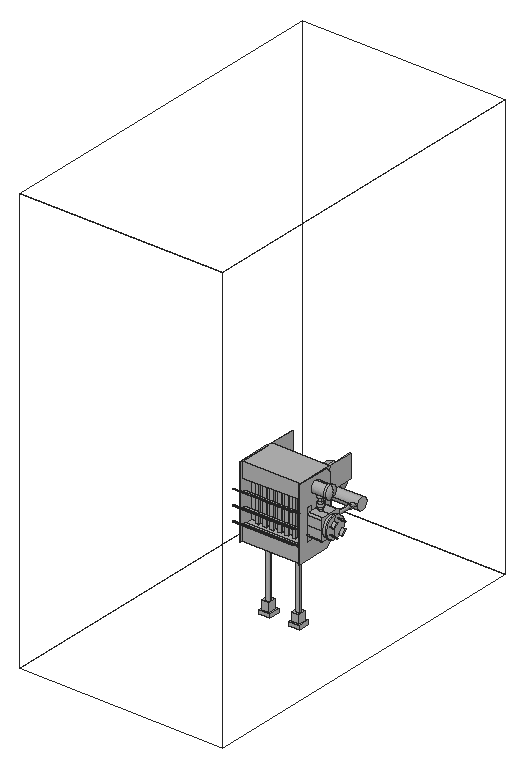
Revit family "Heater-QMARK-GUX_Series-Explosion_Proof_Unit_Gen2.txt", category Mechanical Equipment, host Face, Revit 2020 (continued)
Definition of nested family "Unit_Heater"
  Dimensions and locks (in)
    aligned and locked: Extrusion 13 to Extrusion 4
    aligned and locked: Extrusion 14 to Extrusion 4
    aligned and locked: Extrusion 15 to Extrusion 4
    aligned and locked: Extrusion 16 to Extrusion 4
    aligned and locked: Extrusion 17 to Extrusion 4
    aligned and locked: Extrusion 18 to Extrusion 4
    aligned and locked: Extrusion 19 to Extrusion 4
    aligned and locked: Extrusion 20 to Extrusion 4
    aligned and locked: Extrusion 21 to Extrusion 4
    aligned and locked: Extrusion 22 to Extrusion 4
    aligned and locked: Extrusion 66 to Revolve 50
    aligned and locked: plane 7 to Extrusion 66
    aligned and locked: Extrusion 82 to Extrusion 4
    aligned and locked: Extrusion 119 to plane 8
    aligned and locked: plane 4 to Extrusion 119
    aligned and locked: Extrusion 119 to plane 5
    aligned and locked: plane 1 "Center (Front/Back)" to Extrusion 119
    aligned and locked: plane 4 to Extrusion 120
    aligned and locked: Extrusion 120 to Extrusion 51
    aligned and locked: cut or joined group of Extrusion 119, Extrusion 120 to Extrusion 121  (x2)
    aligned and locked: cut or joined group of Extrusion 119, Extrusion 120 to Extrusion 122
    aligned and locked: cut or joined group of Extrusion 119, Extrusion 120 to Extrusion 123
    aligned and locked: cut or joined group of Extrusion 119, Extrusion 120 to Extrusion 124  (x2)
    aligned and locked: Extrusion 127 to plane 9
    aligned and locked: plane 10 to Extrusion 127
    aligned and locked: Extrusion 127 to plane 11
    aligned and locked: Extrusion 127 to plane 12
    aligned and locked: plane 13 to Extrusion 127
    aligned and locked: plane 12 to Extrusion 127
    aligned and locked: Extrusion 127 to plane 13
    aligned and locked: Extrusion 127 to plane 10
    aligned and locked: plane 6 to Extrusion 127
  Automatic sketch dimensions
    Revolve 50 sketch curve to Revolve 50 sketch curve = 0' - 0.34851"
    Revolve 50 sketch curve to Revolve 50 sketch curve = 0' - 1.38159"
    Revolve 50 sketch curve to Revolve 50 sketch curve = 0' - 0 35/256"
    Revolve 50 sketch curve to Revolve 50 sketch curve = 0' - 0"  (x2)
    Revolve 50 sketch curve to Revolve 50 sketch curve = 0' - 0 1/4"
    Extrusion 51 sketch curve to Extrusion 51 sketch curve = 0' - 0 1/2"  (x3)
    Extrusion 51 sketch curve to Extrusion 51 sketch curve = 0' - 2 99/256"  (x7)
    Extrusion 51 sketch curve to Extrusion 51 sketch curve = 0' - 0"  (x4)
    Extrusion 52 sketch curve to Extrusion 52 sketch curve = 0' - 0.37513"
    Extrusion 52 sketch curve to Extrusion 52 sketch curve = 0' - 0 1/2"  (x3)
    Extrusion 52 sketch curve to Extrusion 52 sketch curve = 0' - 0.24973"
    Extrusion 52 sketch curve to Extrusion 52 sketch curve = 0' - 0 3/4"
    Extrusion 52 sketch curve to Extrusion 52 sketch curve = 0' - 0"
    Extrusion 53 sketch curve to Extrusion 53 sketch curve = 0' - 0.37513"
    Extrusion 53 sketch curve to Extrusion 53 sketch curve = 0' - 0 1/2"  (x3)
    Extrusion 53 sketch curve to Extrusion 53 sketch curve = 0' - 0.24973"
    Extrusion 53 sketch curve to Extrusion 53 sketch curve = 0' - 0 3/4"
    Extrusion 53 sketch curve to Extrusion 53 sketch curve = 0' - 0"
    Extrusion 54 sketch curve to Extrusion 54 sketch curve = 0' - 0.37513"
    Extrusion 54 sketch curve to Extrusion 54 sketch curve = 0' - 0 1/2"  (x3)
    Extrusion 54 sketch curve to Extrusion 54 sketch curve = 0' - 0.24973"
    Extrusion 54 sketch curve to Extrusion 54 sketch curve = 0' - 0 3/4"
    Extrusion 54 sketch curve to Extrusion 54 sketch curve = 0' - 0"
    Extrusion 55 sketch curve to Extrusion 55 sketch curve = 0' - 0.37513"
    Extrusion 55 sketch curve to Extrusion 55 sketch curve = 0' - 0 1/2"  (x3)
    Extrusion 55 sketch curve to Extrusion 55 sketch curve = 0' - 0.24973"
    Extrusion 55 sketch curve to Extrusion 55 sketch curve = 0' - 0 3/4"
    Extrusion 55 sketch curve to Extrusion 55 sketch curve = 0' - 0"
    Revolve 56 sketch curve to Revolve 56 sketch curve = 0' - 0"  (x2)
    Revolve 56 sketch curve to Revolve 56 sketch curve = 0' - 0 1/4"
    Revolve 56 sketch curve to Revolve 56 sketch curve = 0' - 0.34661"
    Revolve 56 sketch curve to Revolve 56 sketch curve = 0' - 0.16732"
    Revolve 56 sketch curve to Revolve 56 sketch curve = 0' - 0.15339"
    Revolve 56 sketch curve to Revolve 56 sketch curve = 0' - 0.41732"
    Revolve 56 sketch curve to Revolve 56 sketch curve = 0' - 0 1/2"  (x3)
    Revolve 56 sketch curve to Revolve 56 sketch curve = 0' - 1.15798"
    Revolve 56 sketch curve to Revolve 56 sketch curve = 0' - 1.42626"
    Revolve 56 sketch curve to Revolve 56 sketch curve = 0' - 0.81406"
    Revolve 57 sketch curve to Revolve 57 sketch curve = 0' - 0.57859"  (x2)
    Revolve 57 sketch curve to Revolve 57 sketch curve = 0' - 1.85294"
    Revolve 57 sketch curve to Revolve 57 sketch curve = 0' - 1.8364"
    Revolve 57 sketch curve to Revolve 57 sketch curve = 0' - 1.50877"
    Revolve 57 sketch curve to Revolve 57 sketch curve = 0' - 0.17621"
    Revolve 57 sketch curve to Revolve 57 sketch curve = 0' - 0"  (x2)
    Revolve 57 sketch curve to Revolve 57 sketch curve = 0' - 0 1/2"
    Revolve 50 sketch curve to Revolve 50 sketch curve = 0' - 2 3/4"
    Revolve 56 sketch curve to Revolve 56 sketch curve = 0' - 1.7597"
    Revolve 56 sketch curve to Revolve 56 sketch curve = 0' - 0.31406"
    curve 1 to curve 1 = 0' - 1 1/4"
    Revolve 58 sketch curve to Revolve 58 sketch curve = 0' - 0.34851"
    Revolve 58 sketch curve to Revolve 58 sketch curve = 0' - 1.38159"
    Revolve 58 sketch curve to Revolve 58 sketch curve = 0' - 0 35/256"
    Revolve 58 sketch curve to Revolve 58 sketch curve = 0' - 0"  (x2)
    Revolve 58 sketch curve to Revolve 58 sketch curve = 0' - 0 1/4"
    Extrusion 59 sketch curve to Extrusion 59 sketch curve = 0' - 0 1/2"  (x3)
    Extrusion 59 sketch curve to Extrusion 59 sketch curve = 0' - 2 99/256"  (x7)
    Extrusion 59 sketch curve to Extrusion 59 sketch curve = 0' - 0"  (x4)
    Extrusion 60 sketch curve to Extrusion 60 sketch curve = 0' - 0.37513"
    Extrusion 60 sketch curve to Extrusion 60 sketch curve = 0' - 0 1/2"  (x3)
    Extrusion 60 sketch curve to Extrusion 60 sketch curve = 0' - 0.24973"
    Extrusion 60 sketch curve to Extrusion 60 sketch curve = 0' - 0 3/4"
    Extrusion 60 sketch curve to Extrusion 60 sketch curve = 0' - 0"
    Extrusion 61 sketch curve to Extrusion 61 sketch curve = 0' - 0.37513"
    Extrusion 61 sketch curve to Extrusion 61 sketch curve = 0' - 0 1/2"  (x3)
    Extrusion 61 sketch curve to Extrusion 61 sketch curve = 0' - 0.24973"
    Extrusion 61 sketch curve to Extrusion 61 sketch curve = 0' - 0 3/4"
    Extrusion 61 sketch curve to Extrusion 61 sketch curve = 0' - 0"
    Extrusion 62 sketch curve to Extrusion 62 sketch curve = 0' - 0.37513"
    Extrusion 62 sketch curve to Extrusion 62 sketch curve = 0' - 0 1/2"  (x3)
    Extrusion 62 sketch curve to Extrusion 62 sketch curve = 0' - 0.24973"
    Extrusion 62 sketch curve to Extrusion 62 sketch curve = 0' - 0 3/4"
    Extrusion 62 sketch curve to Extrusion 62 sketch curve = 0' - 0"
    Extrusion 63 sketch curve to Extrusion 63 sketch curve = 0' - 0.37513"
    Extrusion 63 sketch curve to Extrusion 63 sketch curve = 0' - 0 1/2"  (x3)
    Extrusion 63 sketch curve to Extrusion 63 sketch curve = 0' - 0.24973"
    Extrusion 63 sketch curve to Extrusion 63 sketch curve = 0' - 0 3/4"
    Extrusion 63 sketch curve to Extrusion 63 sketch curve = 0' - 0"
    Revolve 64 sketch curve to Revolve 64 sketch curve = 0' - 0"  (x2)
    Revolve 64 sketch curve to Revolve 64 sketch curve = 0' - 0 1/4"
    Revolve 64 sketch curve to Revolve 64 sketch curve = 0' - 0.34661"
    Revolve 64 sketch curve to Revolve 64 sketch curve = 0' - 0.16732"
    Revolve 64 sketch curve to Revolve 64 sketch curve = 0' - 0.15339"
    Revolve 64 sketch curve to Revolve 64 sketch curve = 0' - 0.41732"
    Revolve 64 sketch curve to Revolve 64 sketch curve = 0' - 0 1/2"  (x3)
    Revolve 64 sketch curve to Revolve 64 sketch curve = 0' - 1.15798"
    Revolve 64 sketch curve to Revolve 64 sketch curve = 0' - 1.42626"
    Revolve 64 sketch curve to Revolve 64 sketch curve = 0' - 0.81406"
    Revolve 65 sketch curve to Revolve 65 sketch curve = 0' - 0.57859"  (x2)
    Revolve 65 sketch curve to Revolve 65 sketch curve = 0' - 1.85294"
    Revolve 65 sketch curve to Revolve 65 sketch curve = 0' - 1.8364"
    Revolve 65 sketch curve to Revolve 65 sketch curve = 0' - 1.50877"
    Revolve 65 sketch curve to Revolve 65 sketch curve = 0' - 0.17621"
    Revolve 65 sketch curve to Revolve 65 sketch curve = 0' - 0"  (x2)
    Revolve 65 sketch curve to Revolve 65 sketch curve = 0' - 0 1/2"
    Revolve 58 sketch curve to Revolve 58 sketch curve = 0' - 2 3/4"
    Revolve 64 sketch curve to Revolve 64 sketch curve = 0' - 1.7597"
    Revolve 64 sketch curve to Revolve 64 sketch curve = 0' - 0.31406"
    curve 2 to curve 2 = 0' - 1 1/4"
    Extrusion 66 sketch curve to Extrusion 66 sketch curve = 0' - 0"  (x2)
    Extrusion 66 sketch curve to Extrusion 66 sketch curve = 0' - 0.08839"  (x8)
    Extrusion 66 sketch curve to Extrusion 66 sketch curve = 0' - 1.06066"  (x4)
    Extrusion 66 sketch curve to Extrusion 66 sketch curve = 0' - 1.64929"  (x4)
    Revolve 68 sketch curve to Revolve 68 sketch curve = 0' - 0 1/2"
    Revolve 68 sketch curve to Revolve 68 sketch curve = 0' - 0 5/32"
    Revolve 68 sketch curve to Revolve 68 sketch curve = 0' - 0 3/4"
    Revolve 68 sketch curve to Revolve 68 sketch curve = 0' - 0"
    Revolve 68 sketch curve to Revolve 68 sketch curve = 0' - 2"
    Revolve 68 sketch curve to Revolve 68 sketch curve = 0' - 9 11/32"
    Revolve 68 sketch curve to Revolve 68 sketch curve = 0' - 3"
    Extrusion 69 sketch curve to Extrusion 69 sketch curve = 0' - 4.12905"
    Extrusion 69 sketch curve to Extrusion 69 sketch curve = 0' - 2.22711"
    Revolve 70 sketch curve to Revolve 70 sketch curve = 0' - 0 1/2"
    Revolve 70 sketch curve to Revolve 70 sketch curve = 0' - 0 5/32"
    Revolve 70 sketch curve to Revolve 70 sketch curve = 0' - 0 3/4"
    Revolve 70 sketch curve to Revolve 70 sketch curve = 0' - 0"
    Revolve 70 sketch curve to Revolve 70 sketch curve = 0' - 2"
    Revolve 70 sketch curve to Revolve 70 sketch curve = 0' - 9 11/32"
    Revolve 70 sketch curve to Revolve 70 sketch curve = 0' - 3"
    Revolve 72 sketch curve to Revolve 72 sketch curve = 0' - 2.65878"
    Revolve 72 sketch curve to Revolve 72 sketch curve = 0' - 0.40211"
    Revolve 72 sketch curve to Revolve 72 sketch curve = 0' - 0.16268"
    Revolve 72 sketch curve to Revolve 72 sketch curve = 0' - 0.63428"
    Revolve 72 sketch curve to Revolve 72 sketch curve = 0' - 0 3/4"
    Revolve 72 sketch curve to Revolve 72 sketch curve = 0' - 0"
    Revolve 72 sketch curve to Revolve 72 sketch curve = 0' - 8.51314"
    Extrusion 73 sketch curve to Extrusion 73 sketch curve = 0' - 0 3/8"
    Extrusion 74 sketch curve to Extrusion 74 sketch curve = 0' - 0 3/8"
    Extrusion 75 sketch curve to Extrusion 75 sketch curve = 0' - 0 3/8"
    Extrusion 76 sketch curve to Extrusion 76 sketch curve = 0' - 0 3/8"
    Extrusion 77 sketch curve to Extrusion 77 sketch curve = 0' - 0 3/8"
    Extrusion 78 sketch curve to Extrusion 78 sketch curve = 0' - 0 3/8"
    Extrusion 84 sketch curve to Extrusion 84 sketch curve = 0' - 0 3/8"
    Extrusion 85 sketch curve to Extrusion 85 sketch curve = 0' - 0 3/8"
    Extrusion 86 sketch curve to Extrusion 86 sketch curve = 0' - 0 3/8"
    Extrusion 87 sketch curve to Extrusion 87 sketch curve = 0' - 0 3/8"
    Extrusion 88 sketch curve to Extrusion 88 sketch curve = 0' - 0 3/8"
    Extrusion 84 sketch curve to Extrusion 84 sketch curve = 1' - 11 5/8"
    Extrusion 85 sketch curve to Extrusion 85 sketch curve = 1' - 11 5/8"
    Extrusion 86 sketch curve to Extrusion 86 sketch curve = 1' - 11 5/8"
    Extrusion 87 sketch curve to Extrusion 87 sketch curve = 1' - 11 5/8"
    Extrusion 88 sketch curve to Extrusion 88 sketch curve = 1' - 11 5/8"
    Extrusion 89 sketch curve to Extrusion 89 sketch curve = 0' - 0 3/8"
    Extrusion 90 sketch curve to Extrusion 90 sketch curve = 0' - 0 3/8"
    Extrusion 91 sketch curve to Extrusion 91 sketch curve = 0' - 0 3/8"
    Extrusion 92 sketch curve to Extrusion 92 sketch curve = 0' - 0 3/8"
    Extrusion 93 sketch curve to Extrusion 93 sketch curve = 0' - 0 3/8"
    Extrusion 89 sketch curve to Extrusion 89 sketch curve = 1' - 11 5/8"
    Extrusion 90 sketch curve to Extrusion 90 sketch curve = 1' - 11 5/8"
    Extrusion 91 sketch curve to Extrusion 91 sketch curve = 1' - 11 5/8"
    Extrusion 92 sketch curve to Extrusion 92 sketch curve = 1' - 11 5/8"
    Extrusion 93 sketch curve to Extrusion 93 sketch curve = 1' - 11 5/8"
    Extrusion 73 sketch curve to Extrusion 73 sketch curve = 1' - 7 5/8"
    Extrusion 74 sketch curve to Extrusion 74 sketch curve = 1' - 7 5/8"
    Extrusion 75 sketch curve to Extrusion 75 sketch curve = 1' - 7 5/8"
    Extrusion 76 sketch curve to Extrusion 76 sketch curve = 1' - 7 5/8"
    Extrusion 77 sketch curve to Extrusion 77 sketch curve = 1' - 7 5/8"
    Extrusion 78 sketch curve to Extrusion 78 sketch curve = 1' - 7 5/8"
    Extrusion 94 sketch curve to Extrusion 94 sketch curve = 0' - 0 3/8"
    Extrusion 95 sketch curve to Extrusion 95 sketch curve = 0' - 0 3/8"
    Extrusion 96 sketch curve to Extrusion 96 sketch curve = 0' - 0 3/8"
    Extrusion 97 sketch curve to Extrusion 97 sketch curve = 0' - 0 3/8"
    Extrusion 98 sketch curve to Extrusion 98 sketch curve = 0' - 0 3/8"
    Extrusion 99 sketch curve to Extrusion 99 sketch curve = 0' - 0 3/8"
    Extrusion 94 sketch curve to Extrusion 94 sketch curve = 1' - 7 5/8"
    Extrusion 95 sketch curve to Extrusion 95 sketch curve = 1' - 7 5/8"
    Extrusion 96 sketch curve to Extrusion 96 sketch curve = 1' - 7 5/8"
    Extrusion 97 sketch curve to Extrusion 97 sketch curve = 1' - 7 5/8"
    Extrusion 98 sketch curve to Extrusion 98 sketch curve = 1' - 7 5/8"
    Extrusion 99 sketch curve to Extrusion 99 sketch curve = 1' - 7 5/8"
    Extrusion 100 sketch curve to Extrusion 100 sketch curve = 0' - 0 3/8"
    Extrusion 100 sketch curve to Extrusion 100 sketch curve = 1' - 11 5/8"
    Extrusion 101 sketch curve to Extrusion 101 sketch curve = 0' - 0 3/8"
    Extrusion 101 sketch curve to Extrusion 101 sketch curve = 1' - 11 5/8"
    Extrusion 102 sketch curve to Extrusion 102 sketch curve = 0' - 0 3/8"
    Extrusion 102 sketch curve to Extrusion 102 sketch curve = 1' - 11 5/8"
    Extrusion 103 sketch curve to Extrusion 103 sketch curve = 0' - 0 3/8"
    Extrusion 103 sketch curve to Extrusion 103 sketch curve = 1' - 11 5/8"
    Extrusion 104 sketch curve to Extrusion 104 sketch curve = 0' - 0 3/8"
    Extrusion 104 sketch curve to Extrusion 104 sketch curve = 1' - 11 5/8"
    Extrusion 17 sketch curve to Extrusion 17 sketch curve = 0' - 0 3/4"
    Extrusion 17 sketch curve to Extrusion 17 sketch curve = 0' - 0 1/2"  (x3)
    Extrusion 18 sketch curve to Extrusion 18 sketch curve = 0' - 0 3/4"
    Extrusion 18 sketch curve to Extrusion 18 sketch curve = 0' - 0 1/2"  (x3)
    Extrusion 19 sketch curve to Extrusion 19 sketch curve = 0' - 0 3/4"
    Extrusion 19 sketch curve to Extrusion 19 sketch curve = 0' - 0 1/2"  (x3)
    Extrusion 20 sketch curve to Extrusion 20 sketch curve = 0' - 0 3/4"
    Extrusion 20 sketch curve to Extrusion 20 sketch curve = 0' - 0 1/2"  (x3)
    Extrusion 22 sketch curve to Extrusion 22 sketch curve = 0' - 0 3/4"
    Extrusion 22 sketch curve to Extrusion 22 sketch curve = 0' - 0 1/2"  (x3)
    Extrusion 82 sketch curve to Extrusion 82 sketch curve = 0' - 0 3/4"
    Extrusion 82 sketch curve to Extrusion 82 sketch curve = 0' - 0 1/2"  (x3)
    Extrusion 105 sketch curve to Extrusion 105 sketch curve = 0' - 0 3/8"
    Extrusion 105 sketch curve to Extrusion 105 sketch curve = 1' - 11 5/8"
    Extrusion 112 sketch curve to Extrusion 112 sketch curve = 0' - 0 3/4"
    Extrusion 112 sketch curve to Extrusion 112 sketch curve = 0' - 0 1/2"  (x3)
    Extrusion 113 sketch curve to Extrusion 113 sketch curve = 0' - 0 3/4"
    Extrusion 113 sketch curve to Extrusion 113 sketch curve = 0' - 0 1/2"  (x3)
    Extrusion 114 sketch curve to Extrusion 114 sketch curve = 0' - 0 3/4"
    Extrusion 114 sketch curve to Extrusion 114 sketch curve = 0' - 0 1/2"  (x3)
    Extrusion 115 sketch curve to Extrusion 115 sketch curve = 0' - 0 3/4"
    Extrusion 115 sketch curve to Extrusion 115 sketch curve = 0' - 0 1/2"  (x3)
    Extrusion 116 sketch curve to Extrusion 116 sketch curve = 0' - 0 3/4"
    Extrusion 116 sketch curve to Extrusion 116 sketch curve = 0' - 0 1/2"  (x3)
    Extrusion 117 sketch curve to Extrusion 117 sketch curve = 0' - 0 3/4"
    Extrusion 117 sketch curve to Extrusion 117 sketch curve = 0' - 0 1/2"  (x3)
    Extrusion 1 sketch curve to Extrusion 1 sketch curve = 8' - 0"  (x2)
    Extrusion 2 sketch curve to plane 8 = 0' - 0"
    Extrusion 2 sketch curve to plane 6 = 0' - 0"
    Extrusion 2 sketch curve to level = 0' - 0"
    Extrusion 2 sketch curve to plane 4 = 0' - 0"
    plane 8 to Extrusion 2 sketch curve = 0' - 1 1/4"  (x2)
    level to Extrusion 2 sketch curve = 0' - 1.25482"
    Extrusion 3 sketch curve to plane 8 = 0' - 0"
    Extrusion 3 sketch curve to plane 6 = 0' - 0"
    Extrusion 3 sketch curve to level = 0' - 0"
    Extrusion 3 sketch curve to plane 4 = 0' - 0"
    plane 8 to Extrusion 3 sketch curve = 0' - 1 1/4"  (x2)
    level to Extrusion 3 sketch curve = 0' - 1.25482"
    Extrusion 4 sketch curve to plane 8 = 0' - 0"
    Extrusion 4 sketch curve to plane 6 = 0' - 0"
    Extrusion 4 sketch curve to level = 0' - 0"
    plane 8 to Extrusion 4 sketch curve = 0' - 1 1/4"
    Extrusion 4 sketch curve to plane 4 = 0' - 3 1/2"
    Extrusion 4 sketch curve to plane 4 = 0' - 0 1/2"
    Extrusion 4 sketch curve to Extrusion 4 sketch curve = 0' - 1"
    Extrusion 5 sketch curve to plane 4 = 0' - 1"
    Extrusion 5 sketch curve to Extrusion 5 sketch curve = 0' - 0"
    plane 4 to Extrusion 5 sketch curve = 0' - 2.59536"
    level to Extrusion 5 sketch curve = 0' - 9.31289"
    Extrusion 6 sketch curve to plane 4 = 0' - 1"
    Extrusion 6 sketch curve to Extrusion 6 sketch curve = 0' - 0"
    plane 4 to Extrusion 6 sketch curve = 0' - 2.59536"
    level to Extrusion 6 sketch curve = 0' - 5.36289"
    Extrusion 7 sketch curve to plane 4 = 0' - 1"
    Extrusion 7 sketch curve to Extrusion 7 sketch curve = 0' - 0"
    plane 4 to Extrusion 7 sketch curve = 0' - 2.59536"
    Extrusion 7 sketch curve to plane 6 = 0' - 6.11211"
    Extrusion 8 sketch curve to plane 4 = 0' - 1"
    Extrusion 8 sketch curve to Extrusion 8 sketch curve = 0' - 0"
    plane 4 to Extrusion 8 sketch curve = 0' - 2.59536"
    level to Extrusion 8 sketch curve = 1' - 1.26289"
    Extrusion 9 sketch curve to plane 4 = 0' - 1"
    Extrusion 9 sketch curve to Extrusion 9 sketch curve = 0' - 0"
    plane 4 to Extrusion 9 sketch curve = 0' - 2.59536"
    Extrusion 9 sketch curve to plane 6 = 0' - 10.16211"
    Extrusion 10 sketch curve to plane 1 "Center (Front/Back)" = 0' - 1 5/8"
    Extrusion 10 sketch curve to plane 4 = 0' - 3 1/2"
    Extrusion 10 sketch curve to Extrusion 10 sketch curve = 0' - 0 3/4"
    Extrusion 10 sketch curve to Extrusion 10 sketch curve = 0' - 0 1/2"  (x3)
    Extrusion 11 sketch curve to plane 4 = 0' - 3 1/2"
    Extrusion 11 sketch curve to Extrusion 11 sketch curve = 0' - 0 3/4"
    Extrusion 11 sketch curve to plane 1 "Center (Front/Back)" = 0' - 3 1/8"
    Extrusion 11 sketch curve to Extrusion 11 sketch curve = 0' - 0 1/2"  (x3)
    Extrusion 12 sketch curve to plane 4 = 0' - 3 1/2"
    Extrusion 12 sketch curve to Extrusion 12 sketch curve = 0' - 0 3/4"
    Extrusion 12 sketch curve to plane 1 "Center (Front/Back)" = 0' - 5 1/8"
    Extrusion 12 sketch curve to Extrusion 12 sketch curve = 0' - 0 1/2"  (x3)
    Extrusion 13 sketch curve to plane 4 = 0' - 3 1/2"
    Extrusion 13 sketch curve to Extrusion 13 sketch curve = 0' - 0 3/4"
    Extrusion 13 sketch curve to plane 1 "Center (Front/Back)" = 0' - 7 1/8"
    Extrusion 13 sketch curve to Extrusion 13 sketch curve = 0' - 0 1/2"  (x3)
    Extrusion 14 sketch curve to plane 4 = 0' - 3 1/2"
    Extrusion 14 sketch curve to Extrusion 14 sketch curve = 0' - 0 3/4"
    plane 5 to Extrusion 14 sketch curve = 0' - 6 15/16"
    Extrusion 14 sketch curve to Extrusion 14 sketch curve = 0' - 0 1/2"  (x3)
    Extrusion 15 sketch curve to plane 4 = 0' - 3 1/2"
    Extrusion 15 sketch curve to Extrusion 15 sketch curve = 0' - 0 3/4"
    plane 5 to Extrusion 15 sketch curve = 0' - 4 15/16"
    Extrusion 15 sketch curve to Extrusion 15 sketch curve = 0' - 0 1/2"  (x3)
    Extrusion 16 sketch curve to plane 4 = 0' - 3 1/2"
    Extrusion 16 sketch curve to Extrusion 16 sketch curve = 0' - 0 3/4"
    plane 5 to Extrusion 16 sketch curve = 0' - 2 15/16"
    Extrusion 16 sketch curve to Extrusion 16 sketch curve = 0' - 0 1/2"  (x3)
    Extrusion 21 sketch curve to plane 4 = 0' - 3 1/2"
    Extrusion 21 sketch curve to Extrusion 21 sketch curve = 0' - 0 3/4"
    plane 5 to Extrusion 21 sketch curve = 0' - 6 15/16"
    Extrusion 21 sketch curve to Extrusion 21 sketch curve = 0' - 0 1/2"  (x3)
    Extrusion 23 sketch curve to plane 1 "Center (Front/Back)" = 0' - 0 11/32"
    Extrusion 23 sketch curve to Extrusion 23 sketch curve = 0' - 0 3/8"
    level to Extrusion 23 sketch curve = 0' - 2 1/2"
    Extrusion 23 sketch curve to plane 6 = 0' - 1 1/4"
    Extrusion 24 sketch curve to plane 1 "Center (Front/Back)" = 0' - 1 3/32"
    Extrusion 24 sketch curve to Extrusion 24 sketch curve = 0' - 0 3/8"
    level to Extrusion 24 sketch curve = 0' - 2 1/2"
    Extrusion 24 sketch curve to plane 6 = 0' - 1 1/4"
    Extrusion 25 sketch curve to plane 1 "Center (Front/Back)" = 0' - 1 27/32"
    Extrusion 25 sketch curve to Extrusion 25 sketch curve = 0' - 0 3/8"
    level to Extrusion 25 sketch curve = 0' - 2 1/2"
    Extrusion 25 sketch curve to plane 6 = 0' - 1 1/4"
    Extrusion 26 sketch curve to plane 6 = 0' - 1 1/4"
    Extrusion 26 sketch curve to plane 1 "Center (Front/Back)" = 0' - 2 19/32"
    Extrusion 26 sketch curve to Extrusion 26 sketch curve = 0' - 0 3/8"
    level to Extrusion 26 sketch curve = 0' - 2 1/2"
    Extrusion 27 sketch curve to plane 6 = 0' - 1 1/4"
    Extrusion 27 sketch curve to plane 1 "Center (Front/Back)" = 0' - 3 11/32"
    Extrusion 27 sketch curve to Extrusion 27 sketch curve = 0' - 0 3/8"
    level to Extrusion 27 sketch curve = 0' - 2 1/2"
    Extrusion 28 sketch curve to plane 6 = 0' - 1 1/4"
    Extrusion 28 sketch curve to plane 1 "Center (Front/Back)" = 0' - 4 3/32"
    Extrusion 28 sketch curve to Extrusion 28 sketch curve = 0' - 0 3/8"
    level to Extrusion 28 sketch curve = 0' - 2 1/2"
    Extrusion 29 sketch curve to plane 6 = 0' - 1 1/4"
    Extrusion 29 sketch curve to plane 1 "Center (Front/Back)" = 0' - 4 27/32"
    Extrusion 29 sketch curve to Extrusion 29 sketch curve = 0' - 0 3/8"
    level to Extrusion 29 sketch curve = 0' - 2 1/2"
    Extrusion 30 sketch curve to plane 6 = 0' - 1 1/4"
    Extrusion 30 sketch curve to plane 1 "Center (Front/Back)" = 0' - 5 19/32"
    Extrusion 30 sketch curve to Extrusion 30 sketch curve = 0' - 0 3/8"
    level to Extrusion 30 sketch curve = 0' - 2 1/2"
    Extrusion 31 sketch curve to plane 6 = 0' - 1 1/4"
    Extrusion 31 sketch curve to plane 1 "Center (Front/Back)" = 0' - 6 11/32"
    Extrusion 31 sketch curve to Extrusion 31 sketch curve = 0' - 0 3/8"
    level to Extrusion 31 sketch curve = 0' - 2 1/2"
    Extrusion 32 sketch curve to plane 6 = 0' - 1 1/4"
    Extrusion 32 sketch curve to plane 1 "Center (Front/Back)" = 0' - 7 3/32"
    Extrusion 32 sketch curve to Extrusion 32 sketch curve = 0' - 0 3/8"
    level to Extrusion 32 sketch curve = 0' - 2 1/2"
    Extrusion 33 sketch curve to plane 6 = 0' - 1 1/4"
    Extrusion 33 sketch curve to plane 1 "Center (Front/Back)" = 0' - 7 27/32"
    Extrusion 33 sketch curve to Extrusion 33 sketch curve = 0' - 0 3/8"
    level to Extrusion 33 sketch curve = 0' - 2 1/2"
    Extrusion 34 sketch curve to plane 6 = 0' - 1 1/4"
    plane 5 to Extrusion 34 sketch curve = 0' - 7 15/32"
    Extrusion 34 sketch curve to Extrusion 34 sketch curve = 0' - 0 3/8"
    level to Extrusion 34 sketch curve = 0' - 2 1/2"
    Extrusion 35 sketch curve to plane 6 = 0' - 1 1/4"
    plane 5 to Extrusion 35 sketch curve = 0' - 6 23/32"
    Extrusion 35 sketch curve to Extrusion 35 sketch curve = 0' - 0 3/8"
    level to Extrusion 35 sketch curve = 0' - 2 1/2"
    Extrusion 36 sketch curve to plane 6 = 0' - 1 1/4"
    plane 5 to Extrusion 36 sketch curve = 0' - 5 31/32"
    Extrusion 36 sketch curve to Extrusion 36 sketch curve = 0' - 0 3/8"
    level to Extrusion 36 sketch curve = 0' - 2 1/2"
    Extrusion 37 sketch curve to plane 6 = 0' - 1 1/4"
    plane 5 to Extrusion 37 sketch curve = 0' - 5 7/32"
    Extrusion 37 sketch curve to Extrusion 37 sketch curve = 0' - 0 3/8"
    level to Extrusion 37 sketch curve = 0' - 2 1/2"
    Extrusion 38 sketch curve to plane 6 = 0' - 1 1/4"
    plane 5 to Extrusion 38 sketch curve = 0' - 4 15/32"
    Extrusion 38 sketch curve to Extrusion 38 sketch curve = 0' - 0 3/8"
    level to Extrusion 38 sketch curve = 0' - 2 1/2"
    Extrusion 39 sketch curve to plane 6 = 0' - 1 1/4"
    plane 5 to Extrusion 39 sketch curve = 0' - 3 23/32"
    Extrusion 39 sketch curve to Extrusion 39 sketch curve = 0' - 0 3/8"
    level to Extrusion 39 sketch curve = 0' - 2 1/2"
    Extrusion 40 sketch curve to plane 6 = 0' - 1 1/4"
    plane 5 to Extrusion 40 sketch curve = 0' - 2 31/32"
    Extrusion 40 sketch curve to Extrusion 40 sketch curve = 0' - 0 3/8"
    level to Extrusion 40 sketch curve = 0' - 2 1/2"
    plane 5 to Extrusion 41 sketch curve = 0' - 2 7/32"
    Extrusion 41 sketch curve to Extrusion 41 sketch curve = 0' - 0 3/8"
    level to Extrusion 41 sketch curve = 0' - 2 1/2"
    Extrusion 41 sketch curve to plane 6 = 0' - 1 1/4"
    plane 5 to Extrusion 42 sketch curve = 0' - 1 15/32"
    Extrusion 42 sketch curve to Extrusion 42 sketch curve = 0' - 0 3/8"
    level to Extrusion 42 sketch curve = 0' - 2 1/2"
    Extrusion 42 sketch curve to plane 6 = 0' - 1 1/4"
    plane 5 to Extrusion 43 sketch curve = 0' - 0 23/32"
    plane 5 to Extrusion 43 sketch curve = 0' - 0 11/32"
    level to Extrusion 43 sketch curve = 0' - 2 1/2"
    Extrusion 43 sketch curve to plane 6 = 0' - 1 1/4"
    Extrusion 44 sketch curve to plane 6 = 0' - 1 1/4"
    plane 5 to Extrusion 44 sketch curve = 0' - 7 15/32"
    Extrusion 44 sketch curve to Extrusion 44 sketch curve = 0' - 0 3/8"
    level to Extrusion 44 sketch curve = 0' - 2 1/2"
    Extrusion 45 sketch curve to plane 6 = 0' - 1 1/4"
    plane 5 to Extrusion 45 sketch curve = 0' - 6 23/32"
    Extrusion 45 sketch curve to Extrusion 45 sketch curve = 0' - 0 3/8"
    level to Extrusion 45 sketch curve = 0' - 2 1/2"
    Extrusion 46 sketch curve to plane 6 = 0' - 1 1/4"
    plane 5 to Extrusion 46 sketch curve = 0' - 5 31/32"
    Extrusion 46 sketch curve to Extrusion 46 sketch curve = 0' - 0 3/8"
    level to Extrusion 46 sketch curve = 0' - 2 1/2"
    Extrusion 47 sketch curve to plane 6 = 0' - 1 1/4"
    plane 5 to Extrusion 47 sketch curve = 0' - 5 7/32"
    Extrusion 47 sketch curve to Extrusion 47 sketch curve = 0' - 0 3/8"
    level to Extrusion 47 sketch curve = 0' - 2 1/2"
    Extrusion 48 sketch curve to plane 6 = 0' - 1 1/4"
    plane 5 to Extrusion 48 sketch curve = 0' - 4 15/32"
    Extrusion 48 sketch curve to Extrusion 48 sketch curve = 0' - 0 3/8"
    level to Extrusion 48 sketch curve = 0' - 2 1/2"
    Extrusion 49 sketch curve to level = 0' - 0"  (x2)
    Extrusion 49 sketch curve to plane 1 "Center (Front/Back)" = 0' - 0 1/8"
    Extrusion 49 sketch curve to Extrusion 49 sketch curve = 0' - 0 1/8"  (x2)
    plane 5 to Extrusion 49 sketch curve = 0' - 0 1/4"
    plane 5 to Extrusion 49 sketch curve = 0' - 0 1/8"
    level to Extrusion 49 sketch curve = 0' - 6 35/256"
    Extrusion 83 sketch curve to plane 6 = 0' - 1 1/4"
    Extrusion 83 sketch curve to plane 1 "Center (Front/Back)" = 0' - 7 27/32"
    Extrusion 83 sketch curve to Extrusion 83 sketch curve = 0' - 0 3/8"
    level to Extrusion 83 sketch curve = 0' - 2 1/2"
    Extrusion 118 sketch curve to plane 4 = 0' - 1"
    Extrusion 118 sketch curve to Extrusion 118 sketch curve = 0' - 0"
    plane 4 to Extrusion 118 sketch curve = 0' - 2.59536"
    level to Extrusion 118 sketch curve = 1' - 1.26289"
    Extrusion 119 sketch curve to plane 6 = 0' - 0"
    Extrusion 119 sketch curve to plane 8 = 0' - 0"
    Extrusion 119 sketch curve to level = 0' - 0"
    Extrusion 119 sketch curve to plane 4 = 0' - 0"
    Extrusion 121 sketch curve to plane 4 = 0' - 0 1/2"
    plane 4 to Extrusion 121 sketch curve = 0' - 2.59536"
    level to Extrusion 121 sketch curve = 0' - 5.36289"
    Extrusion 121 sketch curve to Extrusion 121 sketch curve = 0' - 0 1/8"  (x2)
    Extrusion 121 sketch curve to Extrusion 121 sketch curve = 0' - 1.66211"
    Extrusion 122 sketch curve to plane 4 = 0' - 0 1/2"
    plane 4 to Extrusion 122 sketch curve = 0' - 2.59536"
    level to Extrusion 122 sketch curve = 0' - 9.31289"
    Extrusion 122 sketch curve to Extrusion 122 sketch curve = 0' - 0 1/8"  (x2)
    Extrusion 122 sketch curve to Extrusion 122 sketch curve = 0' - 1.66211"
    Extrusion 123 sketch curve to plane 4 = 0' - 0 1/2"
    plane 4 to Extrusion 123 sketch curve = 0' - 2.59536"
    Extrusion 123 sketch curve to plane 6 = 0' - 6.11211"
    Extrusion 123 sketch curve to Extrusion 123 sketch curve = 0' - 0 1/8"  (x2)
    Extrusion 123 sketch curve to Extrusion 123 sketch curve = 0' - 1.66211"
    Extrusion 124 sketch curve to plane 4 = 0' - 0 1/2"
    plane 4 to Extrusion 124 sketch curve = 0' - 2.59536"
    Extrusion 124 sketch curve to plane 6 = 0' - 10.11211"
    Extrusion 124 sketch curve to Extrusion 124 sketch curve = 0' - 0 1/8"  (x2)
    Extrusion 124 sketch curve to Extrusion 124 sketch curve = 0' - 1.66211"
    Extrusion 125 sketch curve to plane 4 = 0' - 0 1/2"
    plane 4 to Extrusion 125 sketch curve = 0' - 2.59536"
    level to Extrusion 125 sketch curve = 1' - 1.26289"
    Extrusion 125 sketch curve to Extrusion 125 sketch curve = 0' - 0 1/8"  (x2)
    Extrusion 125 sketch curve to Extrusion 125 sketch curve = 0' - 1.66211"
    Extrusion 126 sketch curve to plane 4 = 0' - 0 1/2"
    plane 4 to Extrusion 126 sketch curve = 0' - 2.59536"
    Extrusion 126 sketch curve to plane 6 = 0' - 10.16211"
    Extrusion 126 sketch curve to Extrusion 126 sketch curve = 0' - 0 1/8"  (x2)
    Extrusion 126 sketch curve to Extrusion 126 sketch curve = 0' - 1.66211"
    Extrusion 127 sketch curve to plane 5 = 0' - 2"
    Extrusion 127 sketch curve to plane 3 "Center (Left/Right)" = 0' - 2"
    plane 8 to Extrusion 127 sketch curve = 6' - 10 13/32"
    plane 7 to Extrusion 127 sketch curve = 2' - 6"
    radius of Extrusion 80 sketch curve = 0' - 1 1/2"
    radius of Extrusion 81 sketch curve = 0' - 1 1/2"
Types (67): name | Watts | Voltage | Total Heating Capacity | Shipping Weight | Phase | Motor RPM | Motor HP | Model | MW Height | MH Height | Length | Height | Frequency | Frame Size 3 | Frame Size 2 | Fan Blade Diameter | Depth | Classification | Amps | Air Flow - Throw | Actual Supply Air Flow
  GUX-233-FA-0036C | 3000 W | 208 V | 10236.0 Btu/h | "130 lbs" | 1 | "1725 RPM" | 0.25 | "GUX-233-FA-0036C" | 0' - 9" | 0' - 11 1/16" | 1' - 9 3/4" | 1' - 7 3/8" | 60 Hz | no | no | 1' - 0" | 1' - 4 1/16" | "60 Hz Models/Class I, Divisions 1 and 2, Groups C & D/Class II, Divisions 1 and 2, Groups E, F & G/Class I, Zones 1 and 2, Group II" | 17 A | 1' - 3" | 650 CFM
  GUX-233-FA-0036J | 3000 W | 240 V | 10236.0 Btu/h | "130 lbs" | 1 | "1725 RPM" | 0.25 | "GUX-233-FA-0036J" | 0' - 9" | 0' - 11 1/16" | 1' - 9 3/4" | 1' - 7 3/8" | 60 Hz | no | no | 1' - 0" | 1' - 4 1/16" | "61 Hz Models/Class I, Divisions 1 and 2, Groups C & D/Class II, Divisions 1 and 2, Groups E, F & G/Class I, Zones 1 and 2, Group II" | 15 A | 1' - 3" | 650 CFM
  GUX-233-FA-0036D | 3000 W | 208 V | 10236.0 Btu/h | "130 lbs" | 3 | "1725 RPM" | 0.25 | "GUX-233-FA-0036D" | 0' - 9" | 0' - 11 1/16" | 1' - 9 3/4" | 1' - 7 3/8" | 60 Hz | no | no | 1' - 0" | 1' - 4 1/16" | "62 Hz Models/Class I, Divisions 1 and 2, Groups C & D/Class II, Divisions 1 and 2, Groups E, F & G/Class I, Zones 1 and 2, Group II" | 10 A | 1' - 3" | 650 CFM
  GUX-233-FA-0036K | 3000 W | 240 V | 10236.0 Btu/h | "130 lbs" | 3 | "1725 RPM" | 0.25 | "GUX-233-FA-0036K" | 0' - 9" | 0' - 11 1/16" | 1' - 9 3/4" | 1' - 7 3/8" | 60 Hz | no | no | 1' - 0" | 1' - 4 1/16" | "63 Hz Models/Class I, Divisions 1 and 2, Groups C & D/Class II, Divisions 1 and 2, Groups E, F & G/Class I, Zones 1 and 2, Group II" | 9 A | 1' - 3" | 650 CFM
  GUX-233-FA-0036U | 3000 W | 480 V | 10236.0 Btu/h | "130 lbs" | 3 | "1725 RPM" | 0.25 | "GUX-233-FA-0036U" | 0' - 9" | 0' - 11 1/16" | 1' - 9 3/4" | 1' - 7 3/8" | 60 Hz | no | no | 1' - 0" | 1' - 4 1/16" | "64 Hz Models/Class I, Divisions 1 and 2, Groups C & D/Class II, Divisions 1 and 2, Groups E, F & G/Class I, Zones 1 and 2, Group II" | 5 A | 1' - 3" | 650 CFM
  GUX-233-FA-0036Z | 3000 W | 600 V | 10236.0 Btu/h | "130 lbs" | 3 | "1725 RPM" | 0.25 | "GUX-233-FA-0036Z" | 0' - 9" | 0' - 11 1/16" | 1' - 9 3/4" | 1' - 7 3/8" | 60 Hz | no | no | 1' - 0" | 1' - 4 1/16" | "65 Hz Models/Class I, Divisions 1 and 2, Groups C & D/Class II, Divisions 1 and 2, Groups E, F & G/Class I, Zones 1 and 2, Group II" | 4 A | 1' - 3" | 650 CFM
  GUX-233-FA-0056C | 5000 W | 208 V | 17060.0 Btu/h | "130 lbs" | 1 | "1725 RPM" | 0.25 | "GUX-233-FA-0056C" | 0' - 9" | 0' - 11 1/16" | 1' - 9 3/4" | 1' - 7 3/8" | 60 Hz | no | no | 1' - 0" | 1' - 4 1/16" | "66 Hz Models/Class I, Divisions 1 and 2, Groups C & D/Class II, Divisions 1 and 2, Groups E, F & G/Class I, Zones 1 and 2, Group II" | 26 A | 1' - 3" | 650 CFM
  GUX-233-FA-0056J | 5000 W | 240 V | 17060.0 Btu/h | "130 lbs" | 1 | "1725 RPM" | 0.25 | "GUX-233-FA-0056J" | 0' - 9" | 0' - 11 1/16" | 1' - 9 3/4" | 1' - 7 3/8" | 60 Hz | no | no | 1' - 0" | 1' - 4 1/16" | "67 Hz Models/Class I, Divisions 1 and 2, Groups C & D/Class II, Divisions 1 and 2, Groups E, F & G/Class I, Zones 1 and 2, Group II" | 23 A | 1' - 3" | 650 CFM
  GUX-233-FA-0056D | 5000 W | 208 V | 17060.0 Btu/h | "130 lbs" | 3 | "1725 RPM" | 0.25 | "GUX-233-FA-0056D" | 0' - 9" | 0' - 11 1/16" | 1' - 9 3/4" | 1' - 7 3/8" | 60 Hz | no | no | 1' - 0" | 1' - 4 1/16" | "68 Hz Models/Class I, Divisions 1 and 2, Groups C & D/Class II, Divisions 1 and 2, Groups E, F & G/Class I, Zones 1 and 2, Group II" | 16 A | 1' - 3" | 650 CFM
  GUX-233-FA-0056K | 5000 W | 240 V | 17060.0 Btu/h | "130 lbs" | 3 | "1725 RPM" | 0.25 | "GUX-233-FA-0056K" | 0' - 9" | 0' - 11 1/16" | 1' - 9 3/4" | 1' - 7 3/8" | 60 Hz | no | no | 1' - 0" | 1' - 4 1/16" | "69 Hz Models/Class I, Divisions 1 and 2, Groups C & D/Class II, Divisions 1 and 2, Groups E, F & G/Class I, Zones 1 and 2, Group II" | 14 A | 1' - 3" | 650 CFM
  GUX-233-FA-0056U | 5000 W | 480 V | 17060.0 Btu/h | "130 lbs" | 3 | "1725 RPM" | 0.25 | "GUX-233-FA-0056U" | 0' - 9" | 0' - 11 1/16" | 1' - 9 3/4" | 1' - 7 3/8" | 60 Hz | no | no | 1' - 0" | 1' - 4 1/16" | "70 Hz Models/Class I, Divisions 1 and 2, Groups C & D/Class II, Divisions 1 and 2, Groups E, F & G/Class I, Zones 1 and 2, Group II" | 7 A | 1' - 3" | 650 CFM
  GUX-233-FA-0056Z | 5000 W | 600 V | 17060.0 Btu/h | "130 lbs" | 3 | "1725 RPM" | 0.25 | "GUX-233-FA-0056Z" | 0' - 9" | 0' - 11 1/16" | 1' - 9 3/4" | 1' - 7 3/8" | 60 Hz | no | no | 1' - 0" | 1' - 4 1/16" | "71 Hz Models/Class I, Divisions 1 and 2, Groups C & D/Class II, Divisions 1 and 2, Groups E, F & G/Class I, Zones 1 and 2, Group II" | 6 A | 1' - 3" | 650 CFM
  GUX-233-FA-0086C | 7500 W | 208 V | 25590.0 Btu/h | "130 lbs" | 1 | "1725 RPM" | 0.25 | "GUX-233-FA-0086C" | 0' - 9" | 0' - 11 1/16" | 1' - 9 3/4" | 1' - 7 3/8" | 60 Hz | no | no | 1' - 0" | 1' - 4 1/16" | "72 Hz Models/Class I, Divisions 1 and 2, Groups C & D/Class II, Divisions 1 and 2, Groups E, F & G/Class I, Zones 1 and 2, Group II" | 38 A | 2' - 1" | 850 CFM
  GUX-233-FA-0086J | 7500 W | 240 V | 25590.0 Btu/h | "130 lbs" | 1 | "1725 RPM" | 0.25 | "GUX-233-FA-0086J" | 0' - 9" | 0' - 11 1/16" | 1' - 9 3/4" | 1' - 7 3/8" | 60 Hz | no | no | 1' - 0" | 1' - 4 1/16" | "73 Hz Models/Class I, Divisions 1 and 2, Groups C & D/Class II, Divisions 1 and 2, Groups E, F & G/Class I, Zones 1 and 2, Group II" | 34 A | 2' - 1" | 850 CFM
  GUX-233-FA-0086D | 7500 W | 208 V | 25590.0 Btu/h | "130 lbs" | 3 | "1725 RPM" | 0.25 | "GUX-233-FA-0086D" | 0' - 9" | 0' - 11 1/16" | 1' - 9 3/4" | 1' - 7 3/8" | 60 Hz | no | no | 1' - 0" | 1' - 4 1/16" | "74 Hz Models/Class I, Divisions 1 and 2, Groups C & D/Class II, Divisions 1 and 2, Groups E, F & G/Class I, Zones 1 and 2, Group II" | 23 A | 2' - 1" | 850 CFM
  GUX-233-FA-0086K | 7500 W | 240 V | 25590.0 Btu/h | "130 lbs" | 3 | "1725 RPM" | 0.25 | "GUX-233-FA-0086K" | 0' - 9" | 0' - 11 1/16" | 1' - 9 3/4" | 1' - 7 3/8" | 60 Hz | no | no | 1' - 0" | 1' - 4 1/16" | "75 Hz Models/Class I, Divisions 1 and 2, Groups C & D/Class II, Divisions 1 and 2, Groups E, F & G/Class I, Zones 1 and 2, Group II" | 20 A | 2' - 1" | 850 CFM
  GUX-233-FA-0086U | 7500 W | 480 V | 25590.0 Btu/h | "130 lbs" | 3 | "1725 RPM" | 0.25 | "GUX-233-FA-0086U" | 0' - 9" | 0' - 11 1/16" | 1' - 9 3/4" | 1' - 7 3/8" | 60 Hz | no | no | 1' - 0" | 1' - 4 1/16" | "76 Hz Models/Class I, Divisions 1 and 2, Groups C & D/Class II, Divisions 1 and 2, Groups E, F & G/Class I, Zones 1 and 2, Group II" | 10 A | 2' - 1" | 850 CFM
  GUX-233-FA-0086Z | 7500 W | 600 V | 25590.0 Btu/h | "130 lbs" | 3 | "1725 RPM" | 0.25 | "GUX-233-FA-0086Z" | 0' - 9" | 0' - 11 1/16" | 1' - 9 3/4" | 1' - 7 3/8" | 60 Hz | no | no | 1' - 0" | 1' - 4 1/16" | "77 Hz Models/Class I, Divisions 1 and 2, Groups C & D/Class II, Divisions 1 and 2, Groups E, F & G/Class I, Zones 1 and 2, Group II" | 9 A | 2' - 1" | 850 CFM
  GUX-233-FA-0106J | 10000 W | 240 V | 34120.0 Btu/h | "130 lbs" | 1 | "1725 RPM" | 0.25 | "GUX-233-FA-0106J" | 0' - 9" | 0' - 11 1/16" | 1' - 9 3/4" | 1' - 7 3/8" | 60 Hz | no | no | 1' - 0" | 1' - 4 1/16" | "78 Hz Models/Class I, Divisions 1 and 2, Groups C & D/Class II, Divisions 1 and 2, Groups E, F & G/Class I, Zones 1 and 2, Group II" | 44 A | 2' - 1" | 850 CFM
  GUX-233-FA-0106D | 10000 W | 208 V | 34120.0 Btu/h | "130 lbs" | 3 | "1725 RPM" | 0.25 | "GUX-233-FA-0106D" | 0' - 9" | 0' - 11 1/16" | 1' - 9 3/4" | 1' - 7 3/8" | 60 Hz | no | no | 1' - 0" | 1' - 4 1/16" | "79 Hz Models/Class I, Divisions 1 and 2, Groups C & D/Class II, Divisions 1 and 2, Groups E, F & G/Class I, Zones 1 and 2, Group II" | 30 A | 2' - 1" | 850 CFM
  GUX-233-FA-0106K | 10000 W | 240 V | 34120.0 Btu/h | "130 lbs" | 3 | "1725 RPM" | 0.25 | "GUX-233-FA-0106K" | 0' - 9" | 0' - 11 1/16" | 1' - 9 3/4" | 1' - 7 3/8" | 60 Hz | no | no | 1' - 0" | 1' - 4 1/16" | "80 Hz Models/Class I, Divisions 1 and 2, Groups C & D/Class II, Divisions 1 and 2, Groups E, F & G/Class I, Zones 1 and 2, Group II" | 26 A | 2' - 1" | 850 CFM
  GUX-233-FA-0106U | 10000 W | 480 V | 34120.0 Btu/h | "130 lbs" | 3 | "1725 RPM" | 0.25 | "GUX-233-FA-0106U" | 0' - 9" | 0' - 11 1/16" | 1' - 9 3/4" | 1' - 7 3/8" | 60 Hz | no | no | 1' - 0" | 1' - 4 1/16" | "81 Hz Models/Class I, Divisions 1 and 2, Groups C & D/Class II, Divisions 1 and 2, Groups E, F & G/Class I, Zones 1 and 2, Group II" | 13 A | 2' - 1" | 850 CFM
  GUX-233-FA-0106Z | 10000 W | 600 V | 34120.0 Btu/h | "130 lbs" | 3 | "1725 RPM" | 0.25 | "GUX-233-FA-0106Z" | 0' - 9" | 0' - 11 1/16" | 1' - 9 3/4" | 1' - 7 3/8" | 60 Hz | no | no | 1' - 0" | 1' - 4 1/16" | "82 Hz Models/Class I, Divisions 1 and 2, Groups C & D/Class II, Divisions 1 and 2, Groups E, F & G/Class I, Zones 1 and 2, Group II" | 11 A | 2' - 1" | 850 CFM
  GUX-233-FB-0156D | 15000 W | 208 V | 51182.0 Btu/h | "169 lbs" | 3 | "1725 RPM" | 0.25 | "GUX-233-FB-0156D" | 0' - 7" | 1' - 3 1/16" | 1' - 9 3/4" | 1' - 11 3/8" | 60 Hz | no | yes | 1' - 4" | 1' - 8 3/16" | "83 Hz Models/Class I, Divisions 1 and 2, Groups C & D/Class II, Divisions 1 and 2, Groups E, F & G/Class I, Zones 1 and 2, Group II" | 44 A | 3' - 9" | 1800 CFM
  GUX-233-FB-0156K | 15000 W | 240 V | 51182.0 Btu/h | "169 lbs" | 3 | "1725 RPM" | 0.25 | "GUX-233-FB-0156K" | 0' - 7" | 1' - 3 1/16" | 1' - 9 3/4" | 1' - 11 3/8" | 60 Hz | no | yes | 1' - 4" | 1' - 8 3/16" | "84 Hz Models/Class I, Divisions 1 and 2, Groups C & D/Class II, Divisions 1 and 2, Groups E, F & G/Class I, Zones 1 and 2, Group II" | 38 A | 3' - 9" | 1800 CFM
  GUX-233-FB-0156U | 15000 W | 480 V | 51182.0 Btu/h | "169 lbs" | 3 | "1725 RPM" | 0.25 | "GUX-233-FB-0156U" | 0' - 7" | 1' - 3 1/16" | 1' - 9 3/4" | 1' - 11 3/8" | 60 Hz | no | yes | 1' - 4" | 1' - 8 3/16" | "85 Hz Models/Class I, Divisions 1 and 2, Groups C & D/Class II, Divisions 1 and 2, Groups E, F & G/Class I, Zones 1 and 2, Group II" | 19 A | 3' - 9" | 1800 CFM
  GUX-233-FB-0156Z | 15000 W | 600 V | 51182.0 Btu/h | "169 lbs" | 3 | "1725 RPM" | 0.25 | "GUX-233-FB-0156Z" | 0' - 7" | 1' - 3 1/16" | 1' - 9 3/4" | 1' - 11 3/8" | 60 Hz | no | yes | 1' - 4" | 1' - 8 3/16" | "86 Hz Models/Class I, Divisions 1 and 2, Groups C & D/Class II, Divisions 1 and 2, Groups E, F & G/Class I, Zones 1 and 2, Group II" | 16 A | 3' - 9" | 1800 CFM
  GUX-233-FB-0206U | 20000 W | 480 V | 68242.0 Btu/h | "169 lbs" | 3 | "1725 RPM" | 0.25 | "GUX-233-FB-0206U" | 0' - 7" | 1' - 3 1/16" | 1' - 9 3/4" | 1' - 11 3/8" | 60 Hz | no | yes | 1' - 4" | 1' - 8 3/16" | "87 Hz Models/Class I, Divisions 1 and 2, Groups C & D/Class II, Divisions 1 and 2, Groups E, F & G/Class I, Zones 1 and 2, Group II" | 25 A | 3' - 9" | 1800 CFM
  GUX-233-FB-0206Z | 20000 W | 600 V | 68242.0 Btu/h | "169 lbs" | 3 | "1725 RPM" | 0.25 | "GUX-233-FB-0206Z" | 0' - 7" | 1' - 3 1/16" | 1' - 9 3/4" | 1' - 11 3/8" | 60 Hz | no | yes | 1' - 4" | 1' - 8 3/16" | "88 Hz Models/Class I, Divisions 1 and 2, Groups C & D/Class II, Divisions 1 and 2, Groups E, F & G/Class I, Zones 1 and 2, Group II" | 21 A | 3' - 9" | 1800 CFM
  GUX-233-FC-0256U | 25000 W | 480 V | 85303.0 Btu/h | "216 lbs" | 3 | "1725 RPM" | 0.5 | "GUX-233-FC-0256U" | 0' - 5" | 1' - 7 1/16" | 1' - 10 3/4" | 2' - 3 3/8" | 60 Hz | yes | no | 1' - 8" | 2' - 0 3/16" | "89 Hz Models/Class I, Divisions 1 and 2, Groups C & D/Class II, Divisions 1 and 2, Groups E, F & G/Class I, Zones 1 and 2, Group II" | 31 A | 5' - 5" | 3110 CFM
  GUX-233-FC-0256Z | 25000 W | 600 V | 85303.0 Btu/h | "216 lbs" | 3 | "1725 RPM" | 0.5 | "GUX-233-FC-0256Z" | 0' - 5" | 1' - 7 1/16" | 1' - 10 3/4" | 2' - 3 3/8" | 60 Hz | yes | no | 1' - 8" | 2' - 0 3/16" | "90 Hz Models/Class I, Divisions 1 and 2, Groups C & D/Class II, Divisions 1 and 2, Groups E, F & G/Class I, Zones 1 and 2, Group II" | 25 A | 5' - 5" | 3110 CFM
  GUX-233-FC-0306U | 30000 W | 480 V | 102364.0 Btu/h | "216 lbs" | 3 | "1725 RPM" | 0.5 | "GUX-233-FC-0306U" | 0' - 5" | 1' - 7 1/16" | 1' - 10 3/4" | 2' - 3 3/8" | 60 Hz | yes | no | 1' - 8" | 2' - 0 3/16" | "91 Hz Models/Class I, Divisions 1 and 2, Groups C & D/Class II, Divisions 1 and 2, Groups E, F & G/Class I, Zones 1 and 2, Group II" | 37 A | 6' - 3" | 3850 CFM
  GUX-233-FC-0306Z | 30000 W | 600 V | 102364.0 Btu/h | "216 lbs" | 3 | "1725 RPM" | 0.5 | "GUX-233-FC-0306Z" | 0' - 5" | 1' - 7 1/16" | 1' - 10 3/4" | 2' - 3 3/8" | 60 Hz | yes | no | 1' - 8" | 2' - 0 3/16" | "92 Hz Models/Class I, Divisions 1 and 2, Groups C & D/Class II, Divisions 1 and 2, Groups E, F & G/Class I, Zones 1 and 2, Group II" | 30 A | 6' - 3" | 3850 CFM
  GUX-233-FA-0036E | 2500 W | 220 V | 8530.0 Btu/h | "130 lbs" | 1 | "1438 RPM" | 0.25 | "GUX-233-FA-0036E" | 0' - 9" | 0' - 11 1/16" | 1' - 9 3/4" | 1' - 7 3/8" | 50 Hz | no | no | 1' - 0" | 1' - 4 1/16" | "93 Hz Models/Class I, Divisions 1 and 2, Groups C & D/Class II, Divisions 1 and 2, Groups E, F & G/Class I, Zones 1 and 2, Group II" | 14 A | 1' - 1" | 550 CFM
  GUX-233-FA-0036F | 2500 W | 220 V | 8530.0 Btu/h | "130 lbs" | 3 | "1438 RPM" | 0.25 | "GUX-233-FA-0036F" | 0' - 9" | 0' - 11 1/16" | 1' - 9 3/4" | 1' - 7 3/8" | 50 Hz | no | no | 1' - 0" | 1' - 4 1/16" | "94 Hz Models/Class I, Divisions 1 and 2, Groups C & D/Class II, Divisions 1 and 2, Groups E, F & G/Class I, Zones 1 and 2, Group II" | 9 A | 1' - 1" | 550 CFM
  GUX-233-FA-0036G | 2500 W | 380 V | 8530.0 Btu/h | "130 lbs" | 3 | "1438 RPM" | 0.25 | "GUX-233-FA-0036G" | 0' - 9" | 0' - 11 1/16" | 1' - 9 3/4" | 1' - 7 3/8" | 50 Hz | no | no | 1' - 0" | 1' - 4 1/16" | "95 Hz Models/Class I, Divisions 1 and 2, Groups C & D/Class II, Divisions 1 and 2, Groups E, F & G/Class I, Zones 1 and 2, Group II" | 6 A | 1' - 1" | 550 CFM
  GUX-233-FA-0036H | 2500 W | 400 V | 8530.0 Btu/h | "130 lbs" | 3 | "1438 RPM" | 0.25 | "GUX-233-FA-0036H" | 0' - 9" | 0' - 11 1/16" | 1' - 9 3/4" | 1' - 7 3/8" | 50 Hz | no | no | 1' - 0" | 1' - 4 1/16" | "96 Hz Models/Class I, Divisions 1 and 2, Groups C & D/Class II, Divisions 1 and 2, Groups E, F & G/Class I, Zones 1 and 2, Group II" | 6 A | 1' - 1" | 550 CFM
  GUX-233-FA-0036I | 2500 W | 415 V | 8530.0 Btu/h | "130 lbs" | 3 | "1438 RPM" | 0.25 | "GUX-233-FA-0036I" | 0' - 9" | 0' - 11 1/16" | 1' - 9 3/4" | 1' - 7 3/8" | 50 Hz | no | no | 1' - 0" | 1' - 4 1/16" | "97 Hz Models/Class I, Divisions 1 and 2, Groups C & D/Class II, Divisions 1 and 2, Groups E, F & G/Class I, Zones 1 and 2, Group II" | 5 A | 1' - 1" | 550 CFM
  GUX-233-FA-0056E | 4200 W | 220 V | 14330.0 Btu/h | "130 lbs" | 1 | "1438 RPM" | 0.25 | "GUX-233-FA-0056E" | 0' - 9" | 0' - 11 1/16" | 1' - 9 3/4" | 1' - 7 3/8" | 50 Hz | no | no | 1' - 0" | 1' - 4 1/16" | "98 Hz Models/Class I, Divisions 1 and 2, Groups C & D/Class II, Divisions 1 and 2, Groups E, F & G/Class I, Zones 1 and 2, Group II" | 21 A | 1' - 1" | 550 CFM
  GUX-233-FA-0056F | 4200 W | 220 V | 14330.0 Btu/h | "130 lbs" | 3 | "1438 RPM" | 0.25 | "GUX-233-FA-0056F" | 0' - 9" | 0' - 11 1/16" | 1' - 9 3/4" | 1' - 7 3/8" | 50 Hz | no | no | 1' - 0" | 1' - 4 1/16" | "99 Hz Models/Class I, Divisions 1 and 2, Groups C & D/Class II, Divisions 1 and 2, Groups E, F & G/Class I, Zones 1 and 2, Group II" | 12 A | 1' - 1" | 550 CFM
  GUX-233-FA-0056G | 4200 W | 380 V | 14330.0 Btu/h | "130 lbs" | 3 | "1438 RPM" | 0.25 | "GUX-233-FA-0056G" | 0' - 9" | 0' - 11 1/16" | 1' - 9 3/4" | 1' - 7 3/8" | 50 Hz | no | no | 1' - 0" | 1' - 4 1/16" | "100 Hz Models/Class I, Divisions 1 and 2, Groups C & D/Class II, Divisions 1 and 2, Groups E, F & G/Class I, Zones 1 and 2, Group II" | 9 A | 1' - 1" | 550 CFM
  GUX-233-FA-0056H | 4200 W | 400 V | 14330.0 Btu/h | "130 lbs" | 3 | "1438 RPM" | 0.25 | "GUX-233-FA-0056H" | 0' - 9" | 0' - 11 1/16" | 1' - 9 3/4" | 1' - 7 3/8" | 50 Hz | no | no | 1' - 0" | 1' - 4 1/16" | "101 Hz Models/Class I, Divisions 1 and 2, Groups C & D/Class II, Divisions 1 and 2, Groups E, F & G/Class I, Zones 1 and 2, Group II" | 8 A | 1' - 1" | 550 CFM
  GUX-233-FA-0056I | 4200 W | 415 V | 14330.0 Btu/h | "130 lbs" | 3 | "1438 RPM" | 0.25 | "GUX-233-FA-0056I" | 0' - 9" | 0' - 11 1/16" | 1' - 9 3/4" | 1' - 7 3/8" | 50 Hz | no | no | 1' - 0" | 1' - 4 1/16" | "102 Hz Models/Class I, Divisions 1 and 2, Groups C & D/Class II, Divisions 1 and 2, Groups E, F & G/Class I, Zones 1 and 2, Group II" | 7 A | 1' - 1" | 550 CFM
  GUX-233-FA-0076E | 6300 W | 220 V | 21496.0 Btu/h | "130 lbs" | 1 | "1438 RPM" | 0.25 | "GUX-233-FA-0076E" | 0' - 9" | 0' - 11 1/16" | 1' - 9 3/4" | 1' - 7 3/8" | 50 Hz | no | no | 1' - 0" | 1' - 4 1/16" | "103 Hz Models/Class I, Divisions 1 and 2, Groups C & D/Class II, Divisions 1 and 2, Groups E, F & G/Class I, Zones 1 and 2, Group II" | 31 A | 1' - 10" | 700 CFM
  GUX-233-FA-0076F | 6300 W | 220 V | 21496.0 Btu/h | "130 lbs" | 3 | "1438 RPM" | 0.25 | "GUX-233-FA-0076F" | 0' - 9" | 0' - 11 1/16" | 1' - 9 3/4" | 1' - 7 3/8" | 50 Hz | no | no | 1' - 0" | 1' - 4 1/16" | "104 Hz Models/Class I, Divisions 1 and 2, Groups C & D/Class II, Divisions 1 and 2, Groups E, F & G/Class I, Zones 1 and 2, Group II" | 19 A | 1' - 10" | 700 CFM
  GUX-233-FA-0076G | 6300 W | 380 V | 21496.0 Btu/h | "130 lbs" | 3 | "1438 RPM" | 0.25 | "GUX-233-FA-0076G" | 0' - 9" | 0' - 11 1/16" | 1' - 9 3/4" | 1' - 7 3/8" | 50 Hz | no | no | 1' - 0" | 1' - 4 1/16" | "105 Hz Models/Class I, Divisions 1 and 2, Groups C & D/Class II, Divisions 1 and 2, Groups E, F & G/Class I, Zones 1 and 2, Group II" | 12 A | 1' - 10" | 700 CFM
  GUX-233-FA-0076H | 6300 W | 400 V | 21496.0 Btu/h | "130 lbs" | 3 | "1438 RPM" | 0.25 | "GUX-233-FA-0076H" | 0' - 9" | 0' - 11 1/16" | 1' - 9 3/4" | 1' - 7 3/8" | 50 Hz | no | no | 1' - 0" | 1' - 4 1/16" | "106 Hz Models/Class I, Divisions 1 and 2, Groups C & D/Class II, Divisions 1 and 2, Groups E, F & G/Class I, Zones 1 and 2, Group II" | 11 A | 1' - 10" | 700 CFM
  GUX-233-FA-0076I | 6300 W | 415 V | 21496.0 Btu/h | "130 lbs" | 3 | "1438 RPM" | 0.25 | "GUX-233-FA-0076I" | 0' - 9" | 0' - 11 1/16" | 1' - 9 3/4" | 1' - 7 3/8" | 50 Hz | no | no | 1' - 0" | 1' - 4 1/16" | "107 Hz Models/Class I, Divisions 1 and 2, Groups C & D/Class II, Divisions 1 and 2, Groups E, F & G/Class I, Zones 1 and 2, Group II" | 10 A | 1' - 10" | 700 CFM
  GUX-233-FA-0096E | 8400 W | 220 V | 28660.0 Btu/h | "130 lbs" | 1 | "1438 RPM" | 0.25 | "GUX-233-FA-0096E" | 0' - 9" | 0' - 11 1/16" | 1' - 9 3/4" | 1' - 7 3/8" | 50 Hz | no | no | 1' - 0" | 1' - 4 1/16" | "108 Hz Models/Class I, Divisions 1 and 2, Groups C & D/Class II, Divisions 1 and 2, Groups E, F & G/Class I, Zones 1 and 2, Group II" | 40 A | 1' - 10" | 700 CFM
  GUX-233-FA-0096F | 8400 W | 220 V | 28660.0 Btu/h | "130 lbs" | 3 | "1438 RPM" | 0.25 | "GUX-233-FA-0096F" | 0' - 9" | 0' - 11 1/16" | 1' - 9 3/4" | 1' - 7 3/8" | 50 Hz | no | no | 1' - 0" | 1' - 4 1/16" | "109 Hz Models/Class I, Divisions 1 and 2, Groups C & D/Class II, Divisions 1 and 2, Groups E, F & G/Class I, Zones 1 and 2, Group II" | 24 A | 1' - 10" | 700 CFM
  GUX-233-FA-0096G | 8400 W | 380 V | 28660.0 Btu/h | "130 lbs" | 3 | "1438 RPM" | 0.25 | "GUX-233-FA-0096G" | 0' - 9" | 0' - 11 1/16" | 1' - 9 3/4" | 1' - 7 3/8" | 50 Hz | no | no | 1' - 0" | 1' - 4 1/16" | "110 Hz Models/Class I, Divisions 1 and 2, Groups C & D/Class II, Divisions 1 and 2, Groups E, F & G/Class I, Zones 1 and 2, Group II" | 15 A | 1' - 10" | 700 CFM
  GUX-233-FA-0096H | 8400 W | 400 V | 28660.0 Btu/h | "130 lbs" | 3 | "1438 RPM" | 0.25 | "GUX-233-FA-0096H" | 0' - 9" | 0' - 11 1/16" | 1' - 9 3/4" | 1' - 7 3/8" | 50 Hz | no | no | 1' - 0" | 1' - 4 1/16" | "111 Hz Models/Class I, Divisions 1 and 2, Groups C & D/Class II, Divisions 1 and 2, Groups E, F & G/Class I, Zones 1 and 2, Group II" | 13 A | 1' - 10" | 700 CFM
  GUX-233-FA-0096I | 8400 W | 415 V | 28660.0 Btu/h | "130 lbs" | 3 | "1438 RPM" | 0.25 | "GUX-233-FA-0096I" | 0' - 9" | 0' - 11 1/16" | 1' - 9 3/4" | 1' - 7 3/8" | 50 Hz | no | no | 1' - 0" | 1' - 4 1/16" | "112 Hz Models/Class I, Divisions 1 and 2, Groups C & D/Class II, Divisions 1 and 2, Groups E, F & G/Class I, Zones 1 and 2, Group II" | 13 A | 1' - 10" | 700 CFM
  GUX-233-FB-0136F | 12500 W | 220 V | 42650.0 Btu/h | "169 lbs" | 3 | "1438 RPM" | 0.25 | "GUX-233-FB-0136F" | 0' - 7" | 1' - 3 1/16" | 1' - 9 3/4" | 1' - 11 3/8" | 50 Hz | no | yes | 1' - 4" | 1' - 8 3/16" | "113 Hz Models/Class I, Divisions 1 and 2, Groups C & D/Class II, Divisions 1 and 2, Groups E, F & G/Class I, Zones 1 and 2, Group II" | 35 A | 3' - 3" | 1500 CFM
